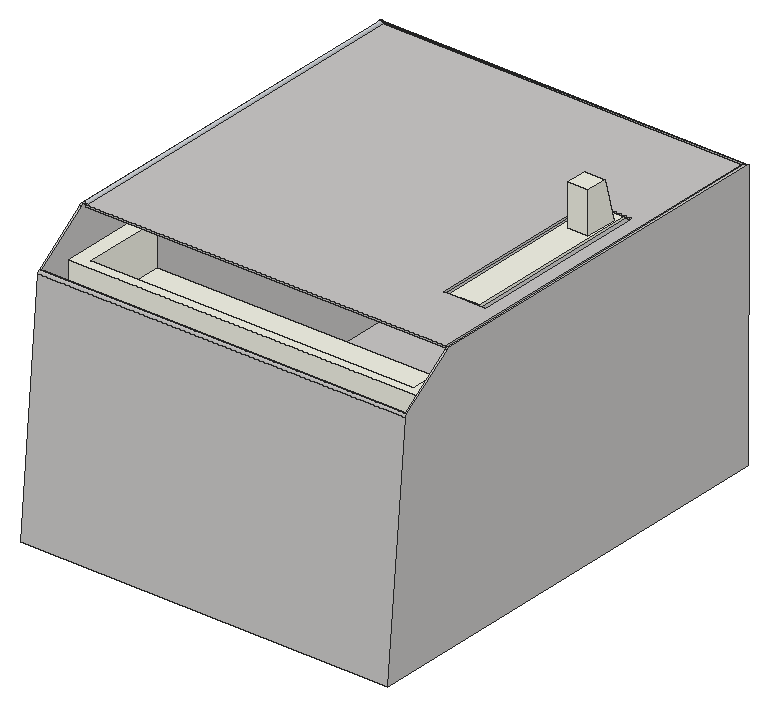
Revit family "Towel_Dispenser-Bradley_Corp-2483", category Specialty Equipment, host Face, Revit 2012
Parameters
  Width = 12 1/4"
  Warranty Information = "Complete unit, excepting mirrors warranted for one year.\r\n Stainless steel mirror frames for fifteen years.\r\n Plate glass mirrors for fifteen years.\r\n This warranty does not cover installation or any other labor charges and does not apply to any units,\r\n which have been damaged by accident, abuse, improper installation, improper maintenance, or altered in any way."
  Version = "2.0"
  URL = "http://www.bradleycorp.com/"
  Type Comments = ""
  Tower Lip Material = Plastic - Bradley Corp - White
  Specifications URL = "http://www.bradleycorp.com/3partspec"
  Product Tech Data URL - Spanish = ""
  Product Tech Data URL - French = ""
  Product Tech Data URL - English = "http://bradleycorp.com/download/173/8193.pdf"
  OmniClass Table 23 Title = "Paper Towel Dispenser/Disposal Unit"
  OmniClass Table 23 Number = "23-31 25 19 11"
  OmniClass Table 21 Title = "Toilet, Bath, and Laundry Accessories"
  OmniClass Table 21 Number = "21-03 10 90 40"
  Modeling Code = ""
  Model = "2483-000000"
  MasterFormat Title = "Toilet Accessories"
  MasterFormat Number = "10 28 13. 13"
  Manufacturer = "Bradley Corporation"
  Industry Standards = ""
  Height = 15"
  Fire Rating = "n/a"
  Description = "Towel Dispenser"
  Depth Cabinet = 9"
  Depth = 10 3/8"
  Default Elevation = 48"
  Copyright = "This Model Data is Property of Bradley Corporation"
  Cabinet Material = Metal - Bradley Corp - Stainless Steel - Satin
  Buy American Act = "Yes"
  Assembly Code = "C1030200"
  ADA Compliant = "Yes"
Reference planes (in)
  plane 1 "Center (Front/Back)": y = 0
  plane 2: z = 0
  plane 3 "Center (Left/Right)": x = 0
  plane 4 "Top": y = 7.5
  plane 5 "Right": x = 6.125
  plane 6 "Bottom": y = -7.5
  plane 7 "Left": x = -6.125
  plane 8 "Front": z = 10.375
  plane 9 "Panel": z = 9
  plane 10 "Center (Elevation)": y = -5.5
Forms (in)
  Extrusion 1, solid, material "Metal - Bradley Corp - Stainless Steel - Satin" <- "Cabinet Material", detail levels fine
    sketch origin (0, 0, 0) x (0, 1, 0) y (0, 0, 1)
      loop
        line (7.5, 0) -> (7.5, 8.9675)
        arc (7.5, 8.9675) -> (7.49048, 8.99048) -> (7.4675, 9) r 0.0325
        line (7.4675, 9) -> (-4.93775, 9)
        arc (-4.93775, 9) -> (-4.98492, 8.98761) -> (-5.01992, 8.95364) r 0.096
        line (-5.01992, 8.95364) -> (-6.70203, 7.78338)
        arc (-6.70203, 7.78338) -> (-6.73943, 7.74293) -> (-6.7564, 7.69051) r 0.12815
        line (-6.7564, 7.69051) -> (-7.5, 0) -> (7.5, 0)
    from -6.125 to 6.125
  Extrusion 2, void
    sketch origin (0, 0, 0) x (0, 1, 0) y (0, 0, 1)
      loop
        line (-6.43404, 10.375) -> (-7.43117, 0.0625) -> (7.4375, 0.0625) -> (7.4375, 10.375) -> (-6.43404, 10.375)
    from -6.0625 to 6.0625
  Extrusion 3, solid, material "Metal - Bradley Corp - Stainless Steel - Satin" <- "Cabinet Material", detail levels fine
    sketch origin (0, 0, 10.375) x (0, 1, 0) y (-1, 0, 0)
      loop
        line (7.375, 6) -> (-4.93773, 6) -> (-4.93773, -6) -> (7.375, -6) -> (7.375, 6)
    from -1.4375 to -1.375
  Extrusion 4, solid, detail levels fine
    sketch origin (0, 0, 0) x (1, 0, 0) y (0, 0, 1)
      loop
        line (-6.08396, 9) -> (-5.96453, 9)
        arc (-5.96453, 9) -> (-6.02424, 9.05972) -> (-6.08396, 9) r 0.05972
    from -7.375 to 4.93773
  Extrusion 5, void
    sketch origin (0, 0, 0) x (0, 1, 0) y (0, 0, 1)
      loop
        line (3.375, 9.32452) -> (-2.75, 9.32452) -> (-2.75, 8.74523) -> (3.375, 8.74523) -> (3.375, 9.32452)
    from 4.179 to 5.59152
  Extrusion 6, solid, material "Plastic - Bradley Corp - White" <- "Tower Lip Material", detail levels fine
    sketch origin (0, 0, 10.375) x (0, 1, 0) y (-1, 0, 0)
      loop
        line (3.28825, -4.3625) -> (-2.70752, -4.3625) -> (-2.70752, -5.3625) -> (3.28825, -5.3625) -> (3.28825, -4.3625)
    from -1.4375 to -1.375
  Extrusion 7, solid, material "Plastic - Bradley Corp - White" <- "Tower Lip Material", detail levels medium+fine
    sketch origin (0, 0, 0) x (0, 1, 0) y (0, 0, 1)
      loop
        line (2.97571, 9) -> (2.60728, 10.375) -> (1.90609, 10.375) -> (1.90609, 9) -> (2.97571, 9)
    from 4.588 to 5.263
  Extrusion 8, solid, material "Plastic - Bradley Corp - White" <- "Tower Lip Material", detail levels fine
    sketch origin (0, 0, 10.375) x (0, 1, 0) y (-1, 0, 0)
      loop
        line (-5.78904, 5.8775) -> (-5.78904, -5.8725) -> (-2.75, -5.8725) -> (-2.75, 5.8775) -> (-5.78904, 5.8775)
    from -10.3125 to -2.59866
  Extrusion 9, void
    sketch origin (0, 0, 0) x (0, 1, 0) y (0, 0, 1)
      loop
        line (-5.5, 7.77634) -> (-5.5, 6.77634)
        arc (-5.5, 6.77634) -> (-5.38217, 6.49188) -> (-5.09772, 6.37405) r 0.40228
        line (-5.09772, 6.37405) -> (-2.75, 6.37405) -> (-2.75, 7.77634) -> (-5.5, 7.77634)
    from -5.3775 to 5.3725
  Extrusion 10, solid, material "Metal - Bradley Corp - Stainless Steel - Satin" <- "Cabinet Material", detail levels medium
    sketch origin (0, 0, 0) x (0, 1, 0) y (0, 0, 1)
      loop
        line (7.5, 0) -> (7.5, 9) -> (-4.93775, 9) -> (-6.75065, 7.74997) -> (-7.5, 0) -> (7.5, 0)
    from -6.125 to 6.125
  Extrusion 11, void
    sketch origin (0, 0, 0) x (0, 1, 0) y (0, 0, 1)
      loop
        line (-4.93775, 9) -> (-6.68337, 7.79636) -> (-7.43117, 0.0625) -> (-4.93775, 0.0625) -> (-4.93775, 9)
    from -6.0625 to 6.0625
  Extrusion 12, solid, material "Plastic - Bradley Corp - White" <- "Tower Lip Material", detail levels medium
    sketch origin (0, 0, 0) x (0, 1, 0) y (0, 0, 1)
      loop
        line (-2.75, 7.77634) -> (-5.78904, 7.77634) -> (-5.78904, 0.0625) -> (-2.75, 0.0625) -> (-2.75, 7.77634)
    from -5.8775 to 5.8725
  Extrusion 13, solid, material "Metal - Bradley Corp - Stainless Steel - Satin" <- "Cabinet Material", detail levels coarse
    sketch origin (0, 0, 0) x (0, 1, 0) y (0, 0, 1)
      loop
        line (7.5, 9) -> (-4.93775, 9) -> (-6.75065, 7.74997) -> (-7.5, 0) -> (7.5, 0) -> (7.5, 9)
    from -6.125 to 6.125
Cuts and joins
  Extrusion 2, Extrusion 5, Extrusion 9, Extrusion 11 cuts Extrusion 1
  Extrusion 5, Extrusion 11 cuts Extrusion 3
  Extrusion 9 cuts Extrusion 8
  Extrusion 11 cuts Extrusion 10
Lines and regions (in)
  Masking region 1
    outline origin (0, 0, 9) x (0, 1, 0) y (-1, 0, 0)
      loop
        line (7.5, 6.125) -> (-7.5, 6.125) -> (-7.5, -6.125) -> (7.5, -6.125) -> (7.5, 6.125)
  Masking region 2
    outline origin (0, 0, 0) x (1, 0, 0) y (0, 0, 1)
      loop
        line (4.588, 9) -> (-6.125, 9) -> (-6.125, 0) -> (6.125, 0) -> (6.125, 9) -> (5.263, 9) -> (5.263, 10.375) -> (4.588, 10.375) -> (4.588, 9)
  Masking region 3
    outline origin (0, 0, 0) x (0, 1, 0) y (0, 0, 1)
      loop
        arc (7.5, 8.9675) -> (7.49048, 8.99048) -> (7.4675, 9) r 0.0325
        line (7.4675, 9) -> (7.375, 9) -> (7.375, 9.05972) -> (2.95971, 9.05972) -> (2.60728, 10.375) -> (1.90609, 10.375) -> (1.90609, 9.05972) -> (-4.93773, 9.05972) -> (-4.93773, 9.00001) -> (-6.75065, 7.74997) -> (-7.5, 0) -> (7.5, 0) -> (7.5, 8.9675)
  model lines, detail levels fine
    curve 1: line (5.0105, 1.90609, 9) -> (5.0105, -2.49925, 9)
    curve 2: line (5.0105, -2.49925, 9) -> (4.8455, -2.49925, 9)
    curve 3: line (4.8455, -2.49925, 9) -> (4.8455, 1.90609, 9)
    curve 5: circle (4.39775, -4.03375, 9) r 0.306 normal (0, 0, 1)
  model lines, detail levels medium+fine
    curve 4: circle (4.39775, -4.03375, 9) r 0.456 normal (0, 0, 1)
  model lines, detail levels coarse+medium
    curve 6: line (4.179, 3.375, 9) -> (5.59152, 3.375, 9)
    curve 7: line (5.59152, 3.375, 9) -> (5.59152, -2.75, 9)
    curve 8: line (5.59152, -2.75, 9) -> (4.179, -2.75, 9)
    curve 9: line (4.179, -2.75, 9) -> (4.179, 3.375, 9)
    curve 10: line (4.588, 2.97571, 9) -> (4.588, 1.90609, 9)
    curve 11: line (4.588, 1.90609, 9) -> (5.263, 1.90609, 9)
    curve 12: line (5.263, 1.90609, 9) -> (5.263, 2.97571, 9)
  model lines
    curve 13: line (5.263, 2.97571, 9) -> (4.588, 2.97571, 9)
  symbolic lines, detail levels medium+fine
    curve 14: circle (4.39775, -4.03375, 9) r 0.456 normal (0, 0, 1)
    curve 22: line (4.179, 3.375, 9) -> (5.59152, 3.375, 9)
    curve 23: line (4.179, -2.75, 9) -> (4.179, 3.375, 9)
    curve 24: line (5.59152, -2.75, 9) -> (4.179, -2.75, 9)
    curve 25: line (5.59152, 3.375, 9) -> (5.59152, -2.75, 9)
  symbolic lines, detail levels fine
    curve 15: circle (4.39775, -4.03375, 9) r 0.306 normal (0, 0, 1)
    curve 18: line (4.588, 2.97571, 9) -> (5.263, 2.97571, 9)
    curve 19: line (4.588, 1.90609, 9) -> (4.588, 2.97571, 9)
    curve 20: line (5.263, 1.90609, 9) -> (4.588, 1.90609, 9)
    curve 21: line (5.263, 2.97571, 9) -> (5.263, 1.90609, 9)
    curve 26: line (4.588, 0, 9) -> (5.263, 0, 9)
    curve 28: line (0, 1.90609, 9.05972) -> (0, 2.95971, 9.05972)
  symbolic lines
    curve 16: line (6.0625, -4.93775, 9) -> (-6.0625, -4.93775, 9)
    curve 17: line (-6.125, -6.75065, 9) -> (6.125, -6.75065, 9)
    curve 27: line (-6.125, 0, 7.74997) -> (6.125, 0, 7.74997)
Dimensions and locks (in)
  "Height": plane 6 "Bottom" to plane 4 "Top"
  equal spacing: plane 6 "Bottom", plane 1 "Center (Front/Back)", plane 4 "Top", locked at 7.5 each
  "Width": plane 7 "Left" to plane 5 "Right"
  equal spacing: plane 7 "Left", plane 3 "Center (Left/Right)", plane 5 "Right"
  "Depth": plane 8 "Front" to plane 2
  plane 9 "Panel" to plane 2 = 9"
  plane 7 "Left" to Extrusion 2 = 1/16"
  Extrusion 2 to plane 5 "Right" = 1/16"
  plane 9 "Panel" to Extrusion 3 = 1/16"
  cut or joined group of Extrusion 3, Extrusion 5, Extrusion 11 to cut or joined group of Extrusion 1, Extrusion 2, Extrusion 5, Extrusion 9, Extrusion 11 = 4"
  cut or joined group of Extrusion 1, Extrusion 2, Extrusion 5, Extrusion 9, Extrusion 11 to cut or joined group of Extrusion 1, Extrusion 2, Extrusion 5, Extrusion 9, Extrusion 11 = 6 1/8"
  aligned and locked: plane 2 to host face
  aligned and locked: level to host face
  aligned and locked: plane 4 "Top" to Extrusion 1
  aligned and locked: plane 5 "Right" to Extrusion 1
  aligned and locked: plane 7 "Left" to Extrusion 1
  aligned and locked: Extrusion 4 sketch curve to plane 9 "Panel"
  aligned and locked: cut or joined group of Extrusion 3, Extrusion 5, Extrusion 11 to Extrusion 6
  aligned and locked: plane 9 "Panel" to Extrusion 6
  aligned and locked: Extrusion 10 sketch curve to cut or joined group of Extrusion 1, Extrusion 2, Extrusion 5, Extrusion 9, Extrusion 11
  aligned and locked: plane 7 "Left" to Extrusion 10
  aligned and locked: plane 5 "Right" to Extrusion 10
  aligned and locked: plane 7 "Left" to Extrusion 13
  aligned and locked: plane 5 "Right" to Extrusion 13
  aligned and locked: Masking region 1 sketch curve to cut or joined group of Extrusion 1, Extrusion 2, Extrusion 5, Extrusion 9, Extrusion 11  (x4)
  aligned and locked: cut or joined group of Extrusion 1, Extrusion 2, Extrusion 5, Extrusion 9, Extrusion 11 to Masking region 2 sketch curve
  aligned and locked: Masking region 2 sketch curve to Extrusion 13  (x3)
  aligned and locked: Masking region 2 sketch curve to Extrusion 7  (x3)
  aligned and locked: curve 11 to Masking region 2 sketch curve
  aligned and locked: Masking region 3 sketch curve to Masking region 3 sketch curve
  aligned and locked: Masking region 3 sketch curve to Extrusion 13  (x4)
  aligned and locked: Masking region 3 sketch curve to Extrusion 7  (x2)
  aligned and locked: Extrusion 7 to Masking region 3 sketch curve
Automatic sketch dimensions
  host sketch curve to host sketch curve = 19.32912"
  host sketch curve to host sketch curve = 36.88493"
  Extrusion 1 sketch curve to plane 6 "Bottom" = 0"
  Extrusion 1 sketch curve to level = 0"
  Extrusion 1 sketch curve to plane 9 "Panel" = 0"
  plane 4 "Top" to Extrusion 1 sketch curve = 0"
  Extrusion 1 sketch curve to plane 6 "Bottom" = 0.7436"
  Extrusion 1 sketch curve to Extrusion 1 sketch curve = 0"  (x2)
  Extrusion 1 sketch curve to Extrusion 1 sketch curve = 0.05437"
  Extrusion 1 sketch curve to Extrusion 1 sketch curve = 0.12756"
  Extrusion 1 sketch curve to plane 9 "Panel" = 0.04636"
  Extrusion 1 sketch curve to Extrusion 1 sketch curve = 1.68211"
  Extrusion 1 sketch curve to Extrusion 1 sketch curve = 0.08217"
  Extrusion 1 sketch curve to plane 4 "Top" = 0.0325"
  Extrusion 1 sketch curve to plane 9 "Panel" = 1.32182"
  Extrusion 1 sketch curve to Extrusion 1 sketch curve = 0.01233"
  Extrusion 2 sketch curve to plane 8 "Front" = 0"
  Extrusion 2 sketch curve to plane 6 "Bottom" = 0.06883"
  Extrusion 2 sketch curve to plane 6 "Bottom" = 1.06596"
  Extrusion 2 sketch curve to plane 4 "Top" = 1/16"
  level to Extrusion 2 sketch curve = 1/16"
  Extrusion 3 sketch curve to plane 6 "Bottom" = 2.56227"
  Extrusion 3 sketch curve to plane 4 "Top" = 1/8"
  Extrusion 3 sketch curve to plane 5 "Right" = 1/8"
  Extrusion 3 sketch curve to plane 7 "Left" = 1/8"
  Extrusion 4 sketch curve to plane 7 "Left" = 0.04104"
  Extrusion 4 sketch curve to Extrusion 4 sketch curve = 0.05972"
  plane 9 "Panel" to Extrusion 5 sketch curve = 0.32452"
  Extrusion 5 sketch curve to plane 4 "Top" = 10 1/4"
  Extrusion 5 sketch curve to plane 4 "Top" = 4 1/8"
  Extrusion 5 sketch curve to Extrusion 5 sketch curve = 0.57928"
  plane 1 "Center (Front/Back)" to Extrusion 6 sketch curve = 2.70752"
  Extrusion 6 sketch curve to plane 5 "Right" = 0.7625"
  Extrusion 6 sketch curve to plane 1 "Center (Front/Back)" = 3.28825"
  Extrusion 6 sketch curve to Extrusion 6 sketch curve = 1"
  Extrusion 7 sketch curve to plane 8 "Front" = 0"
  Extrusion 7 sketch curve to plane 9 "Panel" = 0"
  Extrusion 7 sketch curve to plane 1 "Center (Front/Back)" = 1.90609"
  Extrusion 7 sketch curve to Extrusion 7 sketch curve = 0.7012"
  Extrusion 7 sketch curve to Extrusion 7 sketch curve = 1.06963"
  Extrusion 8 sketch curve to plane 5 "Right" = 0.2525"
  Extrusion 8 sketch curve to plane 6 "Bottom" = 1.71096"
  Extrusion 8 sketch curve to plane 7 "Left" = 0.2475"
  Extrusion 8 sketch curve to Extrusion 8 sketch curve = 3.03904"
  Extrusion 9 sketch curve to plane 6 "Bottom" = 2"
  Extrusion 9 sketch curve to Extrusion 9 sketch curve = 0.40228"
  Extrusion 9 sketch curve to Extrusion 9 sketch curve = 2.34772"
  Extrusion 9 sketch curve to Extrusion 9 sketch curve = 1"
  Extrusion 9 sketch curve to plane 9 "Panel" = 1.22366"
  Extrusion 10 sketch curve to plane 6 "Bottom" = 0"
  Extrusion 10 sketch curve to plane 9 "Panel" = 0"
  Extrusion 10 sketch curve to plane 4 "Top" = 0"
  Extrusion 10 sketch curve to plane 6 "Bottom" = 0.74935"
  Extrusion 10 sketch curve to Extrusion 10 sketch curve = 1.8129"
  Extrusion 10 sketch curve to plane 9 "Panel" = 1.25003"
  Extrusion 11 sketch curve to plane 9 "Panel" = 0"
  Extrusion 11 sketch curve to plane 6 "Bottom" = 0.06883"
  Extrusion 11 sketch curve to plane 6 "Bottom" = 0.81663"
  level to Extrusion 11 sketch curve = 1/16"
  Extrusion 11 sketch curve to Extrusion 11 sketch curve = 2.49342"
  Extrusion 11 sketch curve to plane 9 "Panel" = 1.20364"
  Extrusion 12 sketch curve to plane 6 "Bottom" = 1.71096"
  level to Extrusion 12 sketch curve = 1/16"
  plane 1 "Center (Front/Back)" to Extrusion 12 sketch curve = 2 3/4"
  Extrusion 12 sketch curve to plane 9 "Panel" = 1.22366"
  Extrusion 13 sketch curve to level = 0"
  Extrusion 13 sketch curve to plane 6 "Bottom" = 0"
  Extrusion 13 sketch curve to plane 4 "Top" = 0"
  Extrusion 13 sketch curve to plane 9 "Panel" = 0"
  Extrusion 13 sketch curve to plane 6 "Bottom" = 0.74935"
  Extrusion 13 sketch curve to Extrusion 13 sketch curve = 1.8129"
  Extrusion 13 sketch curve to plane 9 "Panel" = 1.25003"
  curve 4 to curve 5 = 0"
  curve 4 to curve 14 = 0"  (x2)
  curve 4 to curve 15 = 0"  (x2)
  curve 5 to curve 14 = 0"
  curve 17 to plane 7 "Left" = 0"
  curve 17 to plane 5 "Right" = 0"
  curve 17 to plane 6 "Bottom" = 0.74935"
  curve 16 to plane 5 "Right" = 1/16"
  curve 16 to plane 10 "Center (Elevation)" = 0.56225"
  curve 14 to plane 10 "Center (Elevation)" = 1.46625"
  curve 4 to curve 24 = 1.28375"
  curve 7 to curve 1 = 0.25075"
  curve 20 to plane 5 "Right" = 0.862"
  curve 20 to plane 1 "Center (Front/Back)" = 1.90609"
  curve 10 to curve 18 = 1.06963"
  curve 12 to curve 22 = 0.39929"
  curve 25 to plane 5 "Right" = 0.53348"
  curve 7 to curve 2 = 0.58102"
  curve 1 to curve 3 = 0.165"
  curve 12 to curve 10 = 0.675"
  curve 2 to curve 4 = 0.44775"
  curve 2 to curve 9 = 0.6665"
  curve 16 to plane 7 "Left" = 1/16"
  curve 26 to plane 9 "Panel" = 0"
  curve 26 to plane 5 "Right" = 1.537"
  curve 26 to curve 26 = 0.675"
  Masking region 3 sketch curve to plane 9 "Panel" = 0"
  plane 9 "Panel" to Masking region 3 sketch curve = 0.05972"
  Masking region 3 sketch curve to plane 4 "Top" = 1/8"
  Masking region 3 sketch curve to plane 4 "Top" = 0.0325"
  plane 9 "Panel" to Masking region 3 sketch curve = 0"
  plane 9 "Panel" to curve 28 = 0.05972"
  curve 28 to plane 1 "Center (Front/Back)" = 1.90609"
  curve 28 to curve 28 = 1.05362"
  radius of curve 4 = 0.456"
  radius of curve 5 = 0.306"
  radius of curve 14 = 0.456"
  radius of curve 15 = 0.306"
